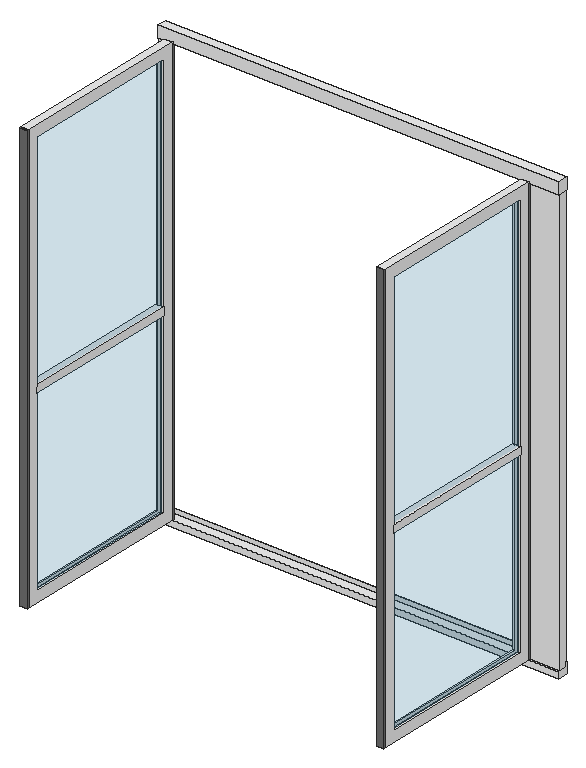
Revit family "Window-NanaWall-HSW-45", category Windows, host Wall, Revit 2013 (continued)
Definition of nested family "Right-Jamb_VSW 35"
  Definition of nested family "Detail"
    Lines and regions (in)
      detail lines, style "0", in view "Ref. Level"
        curve 509: arc (5.49884, -0.42384, 0) -> (5.48493, -0.41808, 0) -> (5.47917, -0.40417, 0) r 0.01968
        curve 510: arc (5.47917, -0.38449, 0) -> (5.48493, -0.37058, 0) -> (5.49884, -0.36481, 0) r 0.01968
        curve 511: arc (7.44676, -0.6875, 0) -> (7.44086, -0.59584, 0) -> (7.44676, -0.50417, 0) r 0.71468
        curve 512: arc (7.38773, -0.49861, 0) -> (7.39081, -0.49237, 0) -> (7.39764, -0.49101, 0) r 0.00787
        curve 513: arc (6.15475, -0.29432, 0) -> (6.23393, -0.33109, 0) -> (6.2662, -0.4122, 0) r 0.11806
        curve 514: arc (6.38426, -0.6875, 0) -> (6.30078, -0.65292, 0) -> (6.2662, -0.56944, 0) r 0.11806
        curve 515: arc (6.3213, -0.61667, 0) -> (6.31573, -0.61436, 0) -> (6.31343, -0.6088, 0) r 0.00787
        curve 516: arc (6.31343, -0.4081, 0) -> (6.31573, -0.40254, 0) -> (6.3213, -0.40023, 0) r 0.00787
        curve 517: arc (6.32945, -0.33333, 0) -> (6.3107, -0.32858, 0) -> (6.29648, -0.31547, 0) r 0.03935
        curve 518: arc (6.38426, -0.33333, 0) -> (6.41209, -0.34486, 0) -> (6.42361, -0.37269, 0) r 0.03935
        curve 519: arc (6.44329, -0.62847, 0) -> (6.42937, -0.62271, 0) -> (6.42361, -0.6088, 0) r 0.01968
        curve 520: arc (7.15162, -0.6088, 0) -> (7.14586, -0.62271, 0) -> (7.13194, -0.62847, 0) r 0.01968
        curve 521: arc (7.23032, -0.6206, 0) -> (7.21641, -0.61484, 0) -> (7.21065, -0.60093, 0) r 0.01968
        curve 522: arc (3.15741, -0.52812, 0) -> (3.17708, -0.50845, 0) -> (3.19676, -0.52813, 0) r 0.01968
        curve 523: arc (3.21644, -0.6206, 0) -> (3.20252, -0.61484, 0) -> (3.19676, -0.60093, 0) r 0.01968
        curve 524: arc (3.55093, -0.62847, 0) -> (3.5231, -0.61695, 0) -> (3.51157, -0.58912, 0) r 0.03935
        curve 525: arc (3.45255, -0.58125, 0) -> (3.44102, -0.60908, 0) -> (3.41319, -0.6206, 0) r 0.03935
        curve 526: arc (3.41319, -0.33137, 0) -> (3.44102, -0.34289, 0) -> (3.45255, -0.37072, 0) r 0.03935
        curve 527: arc (4.29861, -0.56944, 0) -> (4.26403, -0.65292, 0) -> (4.18056, -0.6875, 0) r 0.11806
        curve 528: arc (4.13333, -0.58912, 0) -> (4.12181, -0.61695, 0) -> (4.09398, -0.62847, 0) r 0.03935
        curve 529: arc (4.25926, -0.6088, 0) -> (4.25695, -0.61436, 0) -> (4.25139, -0.61667, 0) r 0.00787
        curve 530: arc (4.29861, -0.4122, 0) -> (4.33089, -0.33109, 0) -> (4.41006, -0.29432, 0) r 0.11806
        curve 531: arc (4.13333, -0.37269, 0) -> (4.14486, -0.34486, 0) -> (4.17269, -0.33333, 0) r 0.03935
        curve 532: arc (4.25139, -0.40023, 0) -> (4.25695, -0.40254, 0) -> (4.25926, -0.4081, 0) r 0.00787
        curve 533: line (1.97685, -0.60683, 0) -> (1.97685, -1.35451, 0)
        curve 534: line (1.76816, -1.18937, 0) -> (1.26432, -0.68553, 0)
        curve 535: line (1.60301, -0.98067, 0) -> (2.35069, -0.98067, 0)
        curve 536: line (2.18555, -1.18937, 0) -> (2.68938, -0.68553, 0)
        curve 537: line (2.0162, -0.56748, 0) -> (2.0162, -0.65014, 0)
        curve 538: line (1.9375, -0.56748, 0) -> (1.9375, -0.65014, 0)
        curve 539: line (3.4919, -1.36829, 0) -> (4.04282, -1.36829, 0)
        curve 540: line (3.36991, -0.80556, 0) -> (3.36991, -0.84491, 0)
        curve 541: line (3.36991, -0.84491, 0) -> (4.16481, -0.84491, 0)
        curve 542: line (4.16481, -0.84491, 0) -> (4.16481, -0.80556, 0)
        curve 543: line (4.25926, -0.7662, 0) -> (4.25926, -0.6875, 0)
        curve 544: line (4.25926, -0.6875, 0) -> (3.27546, -0.6875, 0)
        curve 545: line (3.27546, -0.6875, 0) -> (3.27546, -0.7662, 0)
        curve 546: line (3.31481, -0.80556, 0) -> (4.21991, -0.80556, 0)
        curve 547: line (4.21894, -1.29009, 0) -> (4.21991, -1.27778, 0)
        curve 548: line (4.21991, -1.27778, 0) -> (4.21991, -0.9022, 0)
        curve 549: line (4.21991, -0.9022, 0) -> (4.21451, -0.84491, 0)
        curve 550: line (4.21451, -0.84491, 0) -> (4.16481, -0.84491, 0)
        curve 551: line (3.39352, -1.35648, 0) -> (4.1412, -1.35648, 0)
        curve 552: line (3.90509, -0.84491, 0) -> (3.90509, -0.92368, 0)
        curve 553: line (3.90509, -0.92368, 0) -> (3.62963, -0.92368, 0)
        curve 554: line (3.62963, -0.92368, 0) -> (3.62963, -0.84491, 0)
        curve 555: line (3.76736, -1.47454, 0) -> (3.76736, -0.53952, 0)
        curve 556: line (3.36991, -0.84491, 0) -> (3.32022, -0.84491, 0)
        curve 557: line (3.32022, -0.84491, 0) -> (3.31481, -0.9022, 0)
        curve 558: line (3.31481, -0.9022, 0) -> (3.31481, -1.27778, 0)
        curve 559: line (5.32766, -0.45139, 0) -> (5.42772, -0.45139, 0)
        curve 560: line (5.42772, -0.45139, 0) -> (5.40028, -0.47883, 0)
        curve 561: line (5.40028, -0.47883, 0) -> (5.38061, -0.47883, 0)
        curve 562: line (5.77497, -0.47894, 0) -> (5.4408, -0.47894, 0)
        curve 563: line (5.4408, -0.47894, 0) -> (5.46835, -0.45139, 0)
        curve 564: line (5.46835, -0.45139, 0) -> (5.78316, -0.45139, 0)
        curve 565: line (5.49413, -0.57846, 0) -> (5.50419, -0.55081, 0)
        curve 566: line (5.72118, -0.63634, 0) -> (5.48507, -0.63634, 0)
        curve 567: line (5.53377, -0.53009, 0) -> (5.67248, -0.53009, 0)
        curve 568: line (5.69363, -0.60486, 0) -> (5.51262, -0.60486, 0)
        curve 569: line (5.76618, -0.59854, 0) -> (5.7353, -0.63037, 0)
        curve 570: line (5.75069, -0.58519, 0) -> (5.76053, -0.58519, 0)
        curve 571: line (5.74282, -0.53009, 0) -> (5.74282, -0.57731, 0)
        curve 572: line (5.79988, -0.50648, 0) -> (5.79988, -0.52616, 0)
        curve 573: line (5.70206, -0.55081, 0) -> (5.71212, -0.57846, 0)
        curve 574: line (5.47095, -0.63037, 0) -> (5.44007, -0.59854, 0)
        curve 575: line (5.46343, -0.57731, 0) -> (5.46343, -0.53009, 0)
        curve 576: line (5.44572, -0.58519, 0) -> (5.45556, -0.58519, 0)
        curve 577: line (5.40637, -0.52616, 0) -> (5.40637, -0.50648, 0)
        curve 578: line (5.40637, -0.50648, 0) -> (5.38669, -0.50648, 0)
        curve 579: line (5.82473, -0.42384, 0) -> (5.32766, -0.42384, 0)
        curve 580: line (5.23679, -0.38823, 0) -> (5.28036, -0.43179, 0)
        curve 581: line (5.29984, -0.41232, 0) -> (5.19854, -0.31102, 0)
        curve 582: line (5.18538, -0.31863, 0) -> (5.19663, -0.36065, 0)
        curve 583: line (1.83912, -0.53918, 0) -> (1.83912, -0.47759, 0)
        curve 584: line (1.9375, -0.41985, 0) -> (1.9375, -0.44745, 0)
        curve 585: line (1.9375, -0.44745, 0) -> (1.89028, -0.44745, 0)
        curve 586: line (1.89028, -0.44745, 0) -> (1.89028, -0.42647, 0)
        curve 587: line (1.89028, -0.5903, 0) -> (1.89028, -0.56944, 0)
        curve 588: line (1.89028, -0.56944, 0) -> (1.9375, -0.56944, 0)
        curve 589: line (1.9375, -0.56944, 0) -> (1.9375, -0.57725, 0)
        curve 590: line (1.97685, -0.34717, 0) -> (1.97685, -0.57502, 0)
        curve 591: line (2.0162, -0.34717, 0) -> (2.0162, -0.58906, 0)
        curve 592: line (2.00833, -0.3393, 0) -> (1.98472, -0.3393, 0)
        curve 593: line (1.88241, -0.4186, 0) -> (1.86649, -0.4186, 0)
        curve 594: line (1.97685, -0.58124, 0) -> (1.97685, -0.58906, 0)
        curve 595: line (1.89815, -0.6088, 0) -> (1.89815, -0.56944, 0)
        curve 596: line (1.89815, -0.56944, 0) -> (1.9375, -0.56944, 0)
        curve 597: line (1.9375, -0.56944, 0) -> (1.9375, -0.62841, 0)
        curve 598: line (1.88241, -0.59817, 0) -> (1.86649, -0.59817, 0)
        curve 599: line (1.86117, -0.53662, 0) -> (1.92684, -0.53662, 0)
        curve 600: line (1.86117, -0.48015, 0) -> (1.92684, -0.48015, 0)
        curve 601: line (0.81597, -0.6206, 0) -> (0.06435, -0.6206, 0)
        curve 602: line (0.00926, -0.6875, 0) -> (0.7963, -0.6875, 0)
        curve 603: line (0.7963, -0.6875, 0) -> (0.00926, -0.6875, 0)
        curve 604: line (0.00926, -0.6875, 0) -> (0.7963, -0.6875, 0)
        curve 605: line (0.7963, -0.6875, 0) -> (0, -0.6875, 0)
        curve 606: line (0.7963, -0.41991, 0) -> (0.59954, -0.41991, 0)
        curve 607: line (5.75463, -0.6875, 0) -> (4.42454, -0.6875, 0)
        curve 608: line (4.42454, -0.62847, 0) -> (4.69213, -0.62847, 0)
        curve 609: line (4.24745, -0.49074, 0) -> (4.30648, -0.49074, 0)
        curve 610: line (4.24152, -0.57461, 0) -> (4.2081, -0.5512, 0)
        curve 611: line (4.2081, -0.5512, 0) -> (4.2081, -0.53009, 0)
        curve 612: line (4.30648, -0.56944, 0) -> (4.30648, -0.55764, 0)
        curve 613: line (4.30648, -0.55764, 0) -> (4.24745, -0.55247, 0)
        curve 614: line (4.24745, -0.55247, 0) -> (4.24152, -0.57461, 0)
        curve 615: line (4.36551, -0.54977, 0) -> (4.36551, -0.56944, 0)
        curve 616: line (4.79051, -0.62847, 0) -> (5.34537, -0.62847, 0)
        curve 617: line (5.35718, -0.61667, 0) -> (5.35718, -0.5419, 0)
        curve 618: line (5.75463, -0.53009, 0) -> (5.85301, -0.53009, 0)
        curve 619: line (5.75463, -0.64028, 0) -> (5.4044, -0.64028, 0)
        curve 620: line (5.39653, -0.63241, 0) -> (5.39653, -0.56944, 0)
        curve 621: line (5.39653, -0.56944, 0) -> (5.43588, -0.56944, 0)
        curve 622: line (5.36898, -0.53009, 0) -> (5.43588, -0.53009, 0)
        curve 623: line (5.75463, -0.56944, 0) -> (5.8171, -0.56944, 0)
        curve 624: line (5.87269, -0.54977, 0) -> (5.87269, -0.56944, 0)
        curve 625: line (2.21296, -0.62847, 0) -> (2.76389, -0.62847, 0)
        curve 626: line (2.17361, -0.36281, 0) -> (2.17361, -0.58912, 0)
        curve 627: line (2.0713, -0.61667, 0) -> (2.11458, -0.61667, 0)
        curve 628: line (2.11458, -0.61667, 0) -> (2.11458, -0.40023, 0)
        curve 629: line (2.11458, -0.40023, 0) -> (2.0713, -0.40023, 0)
        curve 630: line (2.0162, -0.42735, 0) -> (2.0162, -0.44745, 0)
        curve 631: line (2.0162, -0.44745, 0) -> (2.06343, -0.44745, 0)
        curve 632: line (2.06343, -0.44745, 0) -> (2.06343, -0.4081, 0)
        curve 633: line (2.0162, -0.56944, 0) -> (2.06343, -0.56944, 0)
        curve 634: line (2.06343, -0.56944, 0) -> (2.06343, -0.6088, 0)
        curve 635: line (2.80324, -0.58912, 0) -> (2.80324, -0.36204, 0)
        curve 636: line (3.09838, -0.33137, 0) -> (2.90162, -0.33137, 0)
        curve 637: line (2.86227, -0.37072, 0) -> (2.86227, -0.58125, 0)
        curve 638: line (2.90162, -0.6206, 0) -> (3.09838, -0.6206, 0)
        curve 639: line (3.11806, -0.60093, 0) -> (3.11806, -0.52812, 0)
        curve 640: line (1.12242, -0.62847, 0) -> (1.73287, -0.62847, 0)
        curve 641: line (0.7963, -0.64028, 0) -> (0.7963, -0.6875, 0)
        curve 642: line (0.7963, -0.6875, 0) -> (1.81944, -0.6875, 0)
        curve 643: line (1.77222, -0.58912, 0) -> (1.77222, -0.37269, 0)
        curve 644: line (1.89028, -0.40023, 0) -> (1.83912, -0.40023, 0)
        curve 645: line (1.83912, -0.40023, 0) -> (1.83912, -0.61667, 0)
        curve 646: line (1.83912, -0.61667, 0) -> (1.89028, -0.61667, 0)
        curve 647: line (1.81157, -0.33333, 0) -> (1.8706, -0.33333, 0)
        curve 648: line (1.89815, -0.4081, 0) -> (1.89815, -0.44745, 0)
        curve 649: line (1.89815, -0.44745, 0) -> (1.9375, -0.44745, 0)
        curve 650: line (1.9375, -0.44745, 0) -> (1.9375, -0.4122, 0)
        curve 651: line (1.15046, -0.45532, 0) -> (1.15046, -0.53118, 0)
        curve 652: line (0.94583, -0.38056, 0) -> (0.94583, -0.29595, 0)
        curve 653: line (1.00486, -0.35694, 0) -> (1.05208, -0.35694, 0)
        curve 654: line (0.98519, -0.46713, 0) -> (0.85532, -0.46713, 0)
        curve 655: line (1.05208, -0.41597, 0) -> (1.02454, -0.41597, 0)
        curve 656: line (1.00486, -0.43565, 0) -> (1.00486, -0.44745, 0)
        curve 657: line (0.88287, -0.40023, 0) -> (0.92616, -0.40023, 0)
        curve 658: line (0.81597, -0.6206, 0) -> (0.91829, -0.6206, 0)
        curve 659: line (6.3542, -0.55854, 0) -> (6.32891, -0.57625, 0)
        curve 660: line (6.35671, -0.53403, 0) -> (6.35671, -0.5537, 0)
        curve 661: line (6.31975, -0.57266, 0) -> (6.31736, -0.56157, 0)
        curve 662: line (6.31736, -0.56157, 0) -> (6.26348, -0.56629, 0)
        curve 663: line (6.25833, -0.48287, 0) -> (6.25833, -0.49468, 0)
        curve 664: line (6.25833, -0.49468, 0) -> (6.31736, -0.49468, 0)
        curve 665: line (6.19931, -0.50749, 0) -> (6.19931, -0.48287, 0)
        curve 666: line (6.14028, -0.42384, 0) -> (5.49884, -0.42384, 0)
        curve 667: line (5.91204, -0.36481, 0) -> (6.14028, -0.36481, 0)
        curve 668: line (5.49884, -0.36481, 0) -> (5.77431, -0.36481, 0)
        curve 669: line (5.47917, -0.40417, 0) -> (5.47917, -0.38449, 0)
        curve 670: line (7.23032, -0.6206, 0) -> (7.38773, -0.6206, 0)
        curve 671: line (7.38773, -0.6206, 0) -> (7.38773, -0.49861, 0)
        curve 672: line (6.42361, -0.6088, 0) -> (6.42361, -0.37269, 0)
        curve 673: line (7.39764, -0.49101, 0) -> (7.44676, -0.50417, 0)
        curve 674: line (6.38426, -0.33333, 0) -> (6.32945, -0.33333, 0)
        curve 675: line (6.3213, -0.40023, 0) -> (6.36458, -0.40023, 0)
        curve 676: line (6.36458, -0.40023, 0) -> (6.36458, -0.61667, 0)
        curve 677: line (6.36458, -0.61667, 0) -> (6.3213, -0.61667, 0)
        curve 678: line (6.31343, -0.6088, 0) -> (6.31343, -0.56944, 0)
        curve 679: line (6.31343, -0.56944, 0) -> (6.2662, -0.56944, 0)
        curve 680: line (6.31343, -0.4081, 0) -> (6.31343, -0.44745, 0)
        curve 681: line (6.31343, -0.44745, 0) -> (6.2662, -0.44745, 0)
        curve 682: line (6.2662, -0.44745, 0) -> (6.2662, -0.4122, 0)
        curve 683: line (7.13194, -0.62847, 0) -> (6.44329, -0.62847, 0)
        curve 684: line (7.44676, -0.6875, 0) -> (6.38426, -0.6875, 0)
        curve 685: line (4.09398, -0.62847, 0) -> (3.55093, -0.62847, 0)
        curve 686: line (4.18056, -0.6875, 0) -> (3.15741, -0.6875, 0)
        curve 687: line (3.15741, -0.6875, 0) -> (3.15741, -0.52812, 0)
        curve 688: line (3.15741, -0.52812, 0) -> (3.15741, -0.6875, 0)
        curve 689: line (3.15741, -0.6875, 0) -> (2.13426, -0.6875, 0)
        curve 690: line (3.21644, -0.33137, 0) -> (3.41319, -0.33137, 0)
        curve 691: line (3.41319, -0.6206, 0) -> (3.21644, -0.6206, 0)
        curve 692: line (3.19676, -0.60093, 0) -> (3.19676, -0.52813, 0)
        curve 693: line (3.51157, -0.58912, 0) -> (3.51157, -0.36204, 0)
        curve 694: line (3.45255, -0.37072, 0) -> (3.45255, -0.58125, 0)
        curve 695: line (4.25139, -0.61667, 0) -> (4.20023, -0.61667, 0)
        curve 696: line (4.20023, -0.61667, 0) -> (4.20023, -0.40023, 0)
        curve 697: line (4.20023, -0.40023, 0) -> (4.25139, -0.40023, 0)
        curve 698: line (4.13333, -0.37269, 0) -> (4.13333, -0.58912, 0)
        curve 699: line (4.29861, -0.56944, 0) -> (4.25926, -0.56944, 0)
        curve 700: line (4.25926, -0.56944, 0) -> (4.25926, -0.6088, 0)
        curve 701: line (4.25926, -0.4081, 0) -> (4.25926, -0.44745, 0)
        curve 702: line (4.25926, -0.44745, 0) -> (4.29861, -0.44745, 0)
        curve 703: line (4.29861, -0.44745, 0) -> (4.29861, -0.4122, 0)
        curve 704: line (4.23171, -0.33333, 0) -> (4.17269, -0.33333, 0)
        curve 705: arc (0.14383, 0.45238, 0) -> (0.14224, 0.41656, 0) -> (0.13396, 0.38168, 0) r 0.19046
        curve 706: arc (-0.06638, 0.4026, 0) -> (-0.04685, 0.45667, 0) -> (-0.01398, 0.50383, 0) r 0.21997
        curve 707: arc (0.14383, 0.45238, 0) -> (0.14923, 0.46692, 0) -> (0.16348, 0.47303, 0) r 0.01968
        curve 708: arc (0.21447, 0.56615, 0) -> (0.17813, 0.57505, 0) -> (0.15, 0.59971, 0) r 0.0787
        curve 709: arc (0.40926, 0.50255, 0) -> (0.39982, 0.48106, 0) -> (0.37778, 0.47303, 0) r 0.02985
        curve 710: arc (0.31829, 0.59971, 0) -> (0.29016, 0.57505, 0) -> (0.25382, 0.56615, 0) r 0.0787
        curve 711: arc (0.32498, 0.60926, 0) -> (0.33938, 0.61758, 0) -> (0.35501, 0.61189, 0) r 0.01968
        curve 712: arc (0.11328, 0.61189, 0) -> (0.12891, 0.61758, 0) -> (0.14331, 0.60926, 0) r 0.01968
        curve 713: arc (-0.01398, 0.50383, 0) -> (-0.00734, 0.5087, 0) -> (0.00071, 0.51042, 0) r 0.01968
        curve 714: arc (-0.02791, 0.35498, 0) -> (-0.05852, 0.3696, 0) -> (-0.06638, 0.4026, 0) r 0.03935
        curve 715: arc (0.13396, 0.38168, 0) -> (0.11962, 0.36234, 0) -> (0.0967, 0.35498, 0) r 0.03935
        curve 716: arc (0.46435, 0.60093, 0) -> (0.47011, 0.61484, 0) -> (0.48403, 0.6206, 0) r 0.01968
        curve 717: line (0.31829, 0.59971, 0) -> (0.32498, 0.60926, 0)
        curve 718: line (0.21447, 0.56615, 0) -> (0.25382, 0.56615, 0)
        curve 719: line (0.37778, 0.47303, 0) -> (0.16348, 0.47303, 0)
        curve 720: line (0.14331, 0.60926, 0) -> (0.15, 0.59971, 0)
        curve 721: line (-0.02791, 0.35498, 0) -> (0.0967, 0.35498, 0)
        curve 722: line (0.35501, 0.61189, 0) -> (0.40926, 0.55764, 0)
        curve 723: line (0.40926, 0.55764, 0) -> (0.37778, 0.55764, 0)
        curve 724: line (0.37778, 0.55764, 0) -> (0.37778, 0.51042, 0)
        curve 725: line (0.37778, 0.51042, 0) -> (0.37778, 0.55764, 0)
        curve 726: line (0.37778, 0.55764, 0) -> (0.41713, 0.55764, 0)
        curve 727: line (0.41713, 0.55764, 0) -> (0.41713, 0.62847, 0)
        curve 728: line (0.41713, 0.62847, 0) -> (0.05903, 0.62847, 0)
        curve 729: line (0.05903, 0.62847, 0) -> (0.05903, 0.55764, 0)
        curve 730: line (0.05903, 0.55764, 0) -> (0.09838, 0.55764, 0)
        curve 731: line (0.09838, 0.55764, 0) -> (0.09838, 0.51042, 0)
        curve 732: line (0.09838, 0.51042, 0) -> (0, 0.51042, 0)
        curve 733: line (0, 0.51042, 0) -> (0, 0.6875, 0)
        curve 734: line (0.40926, 0.50255, 0) -> (0.40926, 0.51042, 0)
        curve 735: line (0.40926, 0.51042, 0) -> (0.37778, 0.51042, 0)
        curve 736: line (0.37778, 0.51042, 0) -> (0.46435, 0.51042, 0)
        curve 737: line (0.46435, 0.51042, 0) -> (0.46435, 0.60093, 0)
        curve 738: line (0.00071, 0.51042, 0) -> (0.09838, 0.51042, 0)
        curve 739: line (0.09838, 0.51042, 0) -> (0.09838, 0.55764, 0)
        curve 740: line (0.09838, 0.55764, 0) -> (0.05903, 0.55764, 0)
        curve 741: line (0.05903, 0.55764, 0) -> (0.11328, 0.61189, 0)
        curve 742: arc (0.41213, -0.39793, 0) -> (0.4411, -0.41484, 0) -> (0.4239, -0.44365, 0) r 0.02361
        curve 743: arc (0.27999, -0.43332, 0) -> (0.2369, -0.42704, 0) -> (0.21182, -0.39144, 0) r 0.05509
        curve 744: arc (0.16561, -0.39144, 0) -> (0.18872, -0.37269, 0) -> (0.21182, -0.39144, 0) r 0.02361
        curve 745: arc (0.16561, -0.39144, 0) -> (0.09916, -0.45753, 0) -> (0.0121, -0.42285, 0) r 0.08539
        curve 746: arc (-0.07634, -0.41425, 0) -> (-0.05502, -0.37538, 0) -> (-0.01245, -0.38779, 0) r 0.03542
        curve 747: line (0.09838, -0.53009, 0) -> (0.05509, -0.53009, 0)
        curve 748: line (0.05509, -0.53009, 0) -> (0.05509, -0.6206, 0)
        curve 749: line (0.05509, -0.6206, 0) -> (0.41319, -0.6206, 0)
        curve 750: line (0.05509, -0.6206, 0) -> (0.05509, -0.53009, 0)
        curve 751: line (0.05509, -0.53009, 0) -> (0.09838, -0.53009, 0)
        curve 752: line (0.09838, -0.49074, 0) -> (0.09838, -0.53009, 0)
        curve 753: line (0.09838, -0.53009, 0) -> (0.09838, -0.49074, 0)
        curve 754: line (0.09838, -0.49074, 0) -> (0.09838, -0.52222, 0)
        curve 755: line (0.09838, -0.52222, 0) -> (0.09838, -0.49074, 0)
        curve 756: line (0.09838, -0.49074, 0) -> (0, -0.49074, 0)
        curve 757: line (0, -0.49074, 0) -> (0.09838, -0.49074, 0)
        curve 758: line (0.09838, -0.49074, 0) -> (0, -0.49074, 0)
        curve 759: line (0, -0.49074, 0) -> (0, -0.6875, 0)
        curve 760: line (0, -0.6875, 0) -> (0, -0.49074, 0)
        curve 761: line (0, -0.49074, 0) -> (0.09838, -0.49074, 0)
        curve 762: line (0.41213, -0.39793, 0) -> (0.27999, -0.43332, 0)
        curve 763: line (0.09838, -0.52222, 0) -> (0.4239, -0.44365, 0)
        curve 764: line (0.0121, -0.42285, 0) -> (-0.01245, -0.38779, 0)
        curve 765: line (-0.07634, -0.41425, 0) -> (-0.05453, -0.53796, 0)
        curve 766: line (-0.05453, -0.53796, 0) -> (0, -0.56944, 0)
        curve 767: line (0, -0.56944, 0) -> (0, -0.49074, 0)
        curve 768: line (0, -0.49074, 0) -> (0, -0.56944, 0)
Definition of nested family "DetailItem_Panel"
  Parameters (values of type "DetailItem_Panel")
    Panel Thickness = 0' - 1 3/4"
    Panel Width = 2' - 5 135/256"
    Assembly Code = ""
  Reference planes (in)
    plane 1 "Center (Front/Back)": y = -1.66017
    plane 2: z = 0
    plane 3 "Center (Left/Right)": x = 0.04527
    plane 4 "Right": x = 0.92027
    plane 5: x = -0.82973
    plane 6 "Back": y = 13.10351
    plane 7: y = -16.42384
  Lines and regions (in)
    detail lines, in view "Ref. Level"
      curve 1: line (-0.82973, 13.10351, 0) -> (-0.82973, -16.42384, 0)
      curve 2: line (-0.82973, 13.10351, 0) -> (0.92027, 13.10351, 0)
      curve 3: line (0.92027, 13.10351, 0) -> (0.92027, -16.42384, 0)
      curve 4: line (-0.82973, -16.42384, 0) -> (0.92027, -16.42384, 0)
  Dimensions and locks (in)
    equal spacing: plane 5, plane 3 "Center (Left/Right)", plane 4 "Right"
    "Panel Thickness": plane 5 to plane 4 "Right"
    equal spacing: plane 6 "Back", plane 1 "Center (Front/Back)", plane 7
    "Panel Width": plane 6 "Back" to plane 7
    aligned and locked: curve 1 to plane 5
    aligned and locked: curve 2 to plane 6 "Back"
    aligned and locked: curve 3 to plane 4 "Right"
    aligned and locked: curve 4 to plane 7
